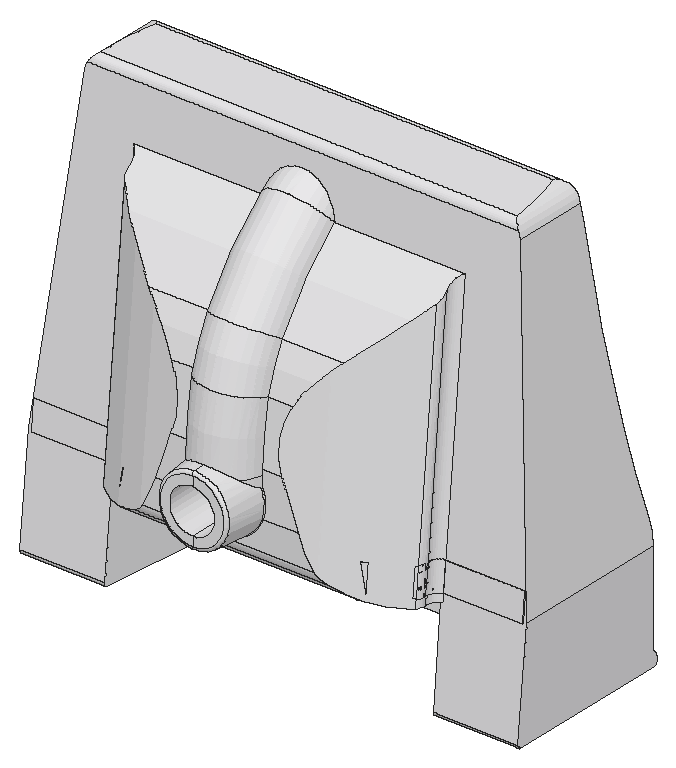
Revit family "Sink-Wall_Mount-KOHLER-Chesapeake-K-1722", category Plumbing Fixtures, host Face, Revit 2015
Parameters (values of type "0-White")
  Width = 17 1/4"  # constant formula
  Waste Water Outlet = "Waste Water Outlet"  # constant formula
  Waste Connection = 1 = 1  # yes
  Vent Connection = 1 = 0  # no
  URL = "https://www.us.kohler.com/us/"
  Type = 1
  Product Page URL = "http://www.us.kohler.com/us/catalog/productDetails.jsp?productNumber=1722"
  Product Name = "Chesapeake"  # constant formula
  Product Documentation Link = "http://www.us.kohler.com/onlinecatalog/pdf/K-1722_spec.pdf"
  Model = if(Type = 1, "K-1722-0", if(Type = 2, "K-1722-96", if(Type = 3, "K-1722-47", "NA")))  # "K-1722-0"
  Material = "Vitreous china"  # constant formula
  MasterFormat 2004 = "22.41.16"  # constant formula
  MasterFormat 1995 = "15410"  # constant formula
  Manufacturer Address = "444 Highland Dr, Kohler, WI 53044"  # constant formula
  Manufacturer = "KOHLER Co."  # constant formula
  Length = 19 1/4"  # constant formula
  Hot Water Inlet = "Hot Water Inlet"  # constant formula
  Height = 10 3/8"  # constant formula
  HW Connection = 1 = 0  # no
  Finish = Kohler-Vitreous_China-0-White
  Environmental Product Declaration = "https://www.us.kohler.com/webassets/kpna/catalog/pdf/en/K-1722.pdf"
  Drain Included = 1 = 0  # no
  Description = "19-1/4inch x 17-1/4inch wall-mount/concealed arm carrier bathroom sink with single faucet hole"  # constant formula
  Default Elevation = 34"
  Declare Label = ""
  Date Modified = "08/28/2018"  # constant formula
  Date Created = "08/28/2018"  # constant formula
  Copyright = "Copyright KOHLER Co."  # constant formula
  Contact Us = "https://www.us.kohler.com/us/static/contact.jsp"
  Cold Water Inlet = "Cold Water Inlet"  # constant formula
  CW Connection = 1 = 0  # no
  Assembly Code = "D2010400"
  ADA Compliant = 1 = 1  # yes
Types (4): name | Type | Model | Finish
  (no name) | 1 | "K-1722-0" | Kohler-Vitreous_China-0-White
  0-White | 1 | "K-1722-0" | Kohler-Vitreous_China-0-White
  96-Biscuit | 2 | "K-1722-96" | Kohler-Vitreous_China-96-Biscuit
  47-Almond | 3 | "K-1722-47" | Kohler-Vitreous_China-47-Almond
Reference planes (in)
  plane 1 "Center (Front/Back)": y = 0
  plane 2: z = 0
  plane 3 "Center (Left/Right)": x = 0
  plane 4: x = -9.625
  plane 5: x = 9.625
  plane 6: z = 17.25
  plane 7: y = 2.19013
  plane 8: y = -8.18487
Dimensions and locks (in)
  equal spacing: plane 4, plane 3 "Center (Left/Right)", plane 5
  "Length": plane 4 to plane 5
  "Width": plane 6 to plane 2
  "Height": plane 8 to plane 7
  aligned and locked: plane 2 to host face
  aligned and locked: level to host face
Automatic sketch dimensions
  host sketch curve to host sketch curve = 96"  (x2)
Nested families (in)
  nested 1: "K-1722" at (0, 2, 0) x (1, 0, 0) z (0, 1, 0), type "K-1722"
Connectors (in)
  piping at (0, -8.19, 6.4999), diameter 1.5, driven by "Waste Water Outlet", driven by "Waste Connection"
    settings: on nested 1, index 1, connector inside diameter 24", connector length 0", flow factor 0, pipe flow 0 GPM, pressure drop 0.00 psi, fitting loss kfactor 0, connector angle 0.00°, fixture units 0, engagement length 0", angle of deflection 0.00°, flow configuration 0, flow direction 2, fitting loss method 0, system type 16, joint type 0, gender type 0, connector reference index -1, connector utility 1, adjustable connector no, is connector primary yes, connector description "Waste Water Outlet"
Definition of nested family "K-1722"
  Parameters (values of type "K-1722")
    Material = none
    Default Elevation = 48"
  Reference planes (in)
    plane 1 "Center (Front/Back)": y = 0
    plane 2: z = 0
    plane 3 "Center (Left/Right)": x = 0
    plane 4: x = -9.625
    plane 5: x = 9.625
    plane 6: y = -17.25
    plane 7: z = 0.19013
    plane 8: z = -10.18487
  Forms (in)
    Extrusion 1, solid, material <- "Material", detail levels medium+fine
      sketch origin (0, 0, 0) x (0, 1, 0) y (0, 0, 1)
        loop
          arc (0, 0.05857) -> (-0.03853, 0.1516) -> (-0.13156, 0.19013) r 0.13156
          line (-0.13156, 0.19013) -> (-0.29977, 0.19013)
          spline (-0.29977, 0.19013) -> (-0.35155, 0.18354) -> (-0.38941, 0.16793) -> (-0.41881, 0.14948) -> (-0.44399, 0.13132) -> (-0.46769, 0.11283) -> (-0.49257, 0.09316) -> (-0.52069, 0.07183) -> (-0.55125, 0.05027) -> (-0.58253, 0.03049) -> (-0.61306, 0.01448) -> (-0.64442, 0.00385) -> (-0.68, 0)
          line (-0.68, 0) -> (-4.21338, 0)
          arc (-4.21338, 0) -> (-4.7217, -0.04258) -> (-5.21537, -0.17102) r 2.98737
          arc (-5.21537, -0.17102) -> (-10.46476, -1.53943) -> (-15.87, -2) r 31.94841
          line (-15.87, -2) -> (-16.91897, -2)
          arc (-16.91897, -2) -> (-17.15856, -2.10418) -> (-17.24577, -2.35045) r 0.3276
          line (-17.24577, -2.35045) -> (-17.09286, -4.53714)
          arc (-17.09286, -4.53714) -> (-17.0025, -4.73928) -> (-16.80305, -4.83545) r 0.32238
          line (-16.80305, -4.83545) -> (-14.70796, -5.043)
          arc (-14.70796, -5.043) -> (-13.37768, -6.44653) -> (-11.81212, -7.58166) r 10.47683
          arc (-11.81212, -7.58166) -> (-10.97932, -7.98956) -> (-10.09247, -8.26051) r 5.84052
          arc (-10.09247, -8.26051) -> (-8.92147, -8.45876) -> (-7.73664, -8.54067) r 12.04042
          arc (-7.73664, -8.54067) -> (-6.86448, -8.55179) -> (-5.99225, -8.55079) r 62.81012
          arc (-5.99225, -8.55079) -> (-5.39902, -8.53111) -> (-4.80753, -8.48172) r 11.83888
          arc (-4.80753, -8.48172) -> (-4.61441, -8.43454) -> (-4.44016, -8.33886) r 0.75944
          arc (-4.44016, -8.33886) -> (-3.98439, -7.80107) -> (-3.8207, -7.1154) r 1.51791
          line (-3.8207, -7.1154) -> (-3.8207, -6.12151) -> (-0.14295, -6.48584)
          arc (-0.14295, -6.48584) -> (-0.04276, -6.45279) -> (0, -6.35636) r 0.13012
          line (0, -6.35636) -> (0, 0.05857)
      from -10.14877 to 9.69137
    Sweep 2, void
      path origin (0, 0, 0) x (1, 0, 0) y (0, 1, 0)
        loop
          line (-6.84167, -4.3614) -> (-6.84167, -10.54517)
          arc (-6.84167, -10.54517) -> (-6.8178, -12.05778) -> (-6.74619, -13.56888) r 47.92582
          arc (-6.74619, -13.56888) -> (-6.27584, -14.56785) -> (-5.24918, -14.97424) r 1.5
          line (-5.24918, -14.97424) -> (5.25075, -14.97424)
          arc (5.25075, -14.97424) -> (6.27741, -14.56785) -> (6.74776, -13.56888) r 1.5
          arc (6.74776, -13.56888) -> (6.81937, -12.05778) -> (6.84324, -10.54517) r 47.92582
          line (6.84324, -10.54517) -> (6.84324, -4.3614)
      profile origin (-6.74619, -13.56888, 0) x (0.998008, 0.063091, 0) y (0, 0, 1)
        loop
          arc (-2.52213, 0.03634) -> (-1.66066, -0.93749) -> (-0.75406, -1.86945) r 27.45772
          arc (-0.75406, -1.86945) -> (-0.51788, -2.17348) -> (-0.37126, -2.52946) r 1.43174
          line (-0.37126, -2.52946) -> (-0.0369, -2.52946) -> (-0.0369, 0.79268) -> (-2.52213, 0.79268) -> (-2.52213, 0.03634)
    Extrusion 3, void
      sketch origin (0, 0, 0) x (1, 0, 0) y (0, 1, 0)
        loop
          line (-7.21293, -4.4459) -> (-7.21293, -10.54517)
          arc (-7.21293, -10.54517) -> (-7.18887, -12.0695) -> (-7.11671, -13.5923) r 48.29708
          arc (-7.11671, -13.5923) -> (-6.52994, -14.83852) -> (-5.24918, -15.3455) r 1.87126
          line (-5.24918, -15.3455) -> (5.25075, -15.3455)
          arc (5.25075, -15.3455) -> (6.53151, -14.83852) -> (7.11828, -13.5923) r 1.87126
          arc (7.11828, -13.5923) -> (7.19044, -12.0695) -> (7.2145, -10.54517) r 48.29708
          line (7.2145, -10.54517) -> (7.2145, -4.4459) -> (-7.21293, -4.4459)
      from 0 to -2.52946
    Blend 4, void
      base sketch origin (0, 0, 0) x (1, 0, 0) y (0, 1, 0)
        loop
          arc (-1.11999, -8.15763) -> (0, -8.50064) -> (1.11999, -8.15763) r 2
          arc (1.11999, -8.15763) -> (1.31478, -8.00774) -> (1.48972, -7.83508) r 2
          arc (1.48972, -7.83508) -> (1.89207, -7.14877) -> (1.99504, -6.35989) r 2
          arc (1.99504, -6.35989) -> (1.8964, -5.86529) -> (1.67716, -5.41108) r 2
          spline (1.67716, -5.41108) -> (1.64901, -5.37046) -> (1.6182, -5.33117) -> (1.58473, -5.29321) -> (1.5486, -5.25658) -> (1.50981, -5.22127) -> (1.46836, -5.1873) -> (1.42425, -5.15466) -> (1.37747, -5.12334) -> (1.32804, -5.09336) -> (1.27595, -5.0647) -> (1.2212, -5.03737) -> (1.16379, -5.01137)
          arc (1.16379, -5.01137) -> (0, -4.8053) -> (-1.16379, -5.01137) r 3.38923
          spline (-1.16379, -5.01137) -> (-1.2212, -5.03737) -> (-1.27595, -5.0647) -> (-1.32804, -5.09336) -> (-1.37747, -5.12334) -> (-1.42425, -5.15466) -> (-1.46836, -5.1873) -> (-1.50981, -5.22127) -> (-1.5486, -5.25658) -> (-1.58473, -5.29321) -> (-1.6182, -5.33117) -> (-1.64901, -5.37046) -> (-1.67716, -5.41108)
          arc (-1.67716, -5.41108) -> (-1.8964, -5.86529) -> (-1.99504, -6.35989) r 2
          arc (-1.99504, -6.35989) -> (-1.89207, -7.14877) -> (-1.48972, -7.83508) r 2
          arc (-1.48972, -7.83508) -> (-1.31478, -8.00774) -> (-1.11999, -8.15763) r 2
      top sketch origin (0, 0, 0) x (1, 0, 0) y (0, 1, 0)
        loop
          line (7.2145, -10.54517) -> (7.2145, -4.89655)
          arc (7.2145, -4.89655) -> (7.05776, -4.51814) -> (6.67935, -4.3614) r 0.53516
          line (6.67935, -4.3614) -> (-6.6772, -4.3614)
          arc (-6.6772, -4.3614) -> (-7.05602, -4.51831) -> (-7.21293, -4.89713) r 0.53573
          line (-7.21293, -4.89713) -> (-7.21293, -10.54517)
          arc (-7.21293, -10.54517) -> (-7.18887, -12.0695) -> (-7.11671, -13.5923) r 48.29708
          arc (-7.11671, -13.5923) -> (-6.52994, -14.83852) -> (-5.24918, -15.3455) r 1.87126
          line (-5.24918, -15.3455) -> (5.25075, -15.3455)
          arc (5.25075, -15.3455) -> (6.53151, -14.83852) -> (7.11828, -13.5923) r 1.87126
          arc (7.11828, -13.5923) -> (7.19044, -12.0695) -> (7.2145, -10.54517) r 48.29708
      from -7.78936 to -2.52946
    Extrusion 5, void
      sketch origin (0, 0, 0) x (1, 0, 0) y (0, 1, 0)
        loop
          line (-9.6268, 0.12058) -> (-12.55504, 0.12058) -> (-12.55504, -18.00394) -> (12.55504, -18.00394) -> (12.55504, 0.12058) -> (9.6268, 0.12058) -> (9.6268, -4.20716)
          arc (9.6268, -4.20716) -> (9.32754, -10.39819) -> (8.43252, -16.53149) r 64.18746
          arc (8.43252, -16.53149) -> (8.12335, -17.05009) -> (7.55504, -17.25394) r 0.89412
          line (7.55504, -17.25394) -> (-7.55504, -17.25394)
          arc (-7.55504, -17.25394) -> (-8.12335, -17.05009) -> (-8.43252, -16.53149) r 0.89412
          arc (-8.43252, -16.53149) -> (-9.32754, -10.39819) -> (-9.6268, -4.20716) r 64.18746
          line (-9.6268, -4.20716) -> (-9.6268, 0.12058)
      from -8.74222 to 0.82629
    Sweep 6, void
      path origin (0, 0, 0) x (0, 1, 0) y (0, 0, 1)
        loop
          line (-18.33697, -4.6835) -> (1.89265, -6.68749)
      profile origin (0, -8.22216, -5.6855) x (0, 0.09858, 0.995129) y (1, 0, 0)
        loop
          line (0, 9.87216) -> (-6.75, 9.87216) -> (-6.75, -9.87216) -> (0, -9.87216) -> (0, -6.40153)
          arc (0, -6.40153) -> (-0.19488, -6.18897) -> (-0.47926, -6.14113) r 0.44361
          arc (-0.47926, -6.14113) -> (-0.66813, -6.1236) -> (-0.82399, -6.01551) r 0.37326
          arc (-0.82399, -6.01551) -> (-3.04567, 0) -> (-0.82399, 6.01551) r 9.25478
          arc (-0.82399, 6.01551) -> (-0.66813, 6.1236) -> (-0.47926, 6.14113) r 0.37326
          arc (-0.47926, 6.14113) -> (-0.19488, 6.18897) -> (0, 6.40153) r 0.44361
          line (0, 6.40153) -> (0, 9.87216)
    Revolve 7, solid, material <- "Material", detail levels medium+fine
      sketch origin (0, 0, 0) x (0, 1, 0) y (0, 0, 1)
        loop
          arc (-5.26762, -10.19) -> (-5.18422, -10.15757) -> (-5.14465, -10.07732) r 0.12344
          line (-5.14465, -10.07732) -> (-5.01486, -8.59382)
          arc (-5.01486, -8.59382) -> (-4.97973, -8.52259) -> (-4.90571, -8.49381) r 0.10957
          line (-4.90571, -8.49381) -> (-6.4999, -8.49381) -> (-6.4999, -10.19) -> (-5.26762, -10.19)
        axis (-6.4999, -8.49381) -> (-6.4999, -10.19)
      angle from 0 to 360
    Sweep 8, solid, material <- "Material", detail levels medium+fine
      path origin (0, 0, 0) x (0, 1, 0) y (0, 0, 1)
        loop
          arc (-15.23855, -3.9403) -> (-15.03351, -4.52065) -> (-14.70796, -5.043) r 2.83273
          arc (-14.70796, -5.043) -> (-13.37768, -6.44653) -> (-11.81212, -7.58166) r 10.47683
          arc (-11.81212, -7.58166) -> (-10.97932, -7.98956) -> (-10.09247, -8.26051) r 5.84052
          arc (-10.09247, -8.26051) -> (-8.80372, -8.47217) -> (-7.49963, -8.543) r 12.04042
          line (-7.49963, -8.543) -> (-6.44261, -8.543)
      profile origin (0, -7.49963, -8.543) x (0, 0, 1) y (1, 0, 0)
        loop
          line (0.08594, -1.38782) -> (0.08594, 1.38782)
          arc (0.08594, 1.38782) -> (-1.12076, 0) -> (0.08594, -1.38782) r 1.40141
    Extrusion 9, void
      sketch origin (0, 0, 0) x (1, 0, 0) y (0, 0, 1)
        loop
          line (5.06309, -1.43) -> (-5.06267, -1.43)
          arc (-5.06267, -1.43) -> (-5.63794, -1.65077) -> (-5.9178, -2.19973) r 0.85987
          line (-5.9178, -2.19973) -> (-6.63424, -8.99632) -> (6.63422, -8.99632) -> (5.91773, -2.19929)
          arc (5.91773, -2.19929) -> (5.63803, -1.65065) -> (5.06309, -1.43) r 0.85938
      from 0 to 3.8207
    Extrusion 10, solid, material <- "Material", detail levels medium+fine
      sketch origin (0, 0, 0) x (0, 1, 0) y (0, 0, 1)
        loop
          line (-4.12867, 0) -> (-4.4042, 0)
          arc (-4.4042, 0) -> (-4.7783, -0.14925) -> (-4.94692, -0.51502) r 0.54346
          line (-4.94692, -0.51502) -> (-5.3286, -7.79797) -> (-4.12867, -7.79797) -> (-4.12867, 0)
      from -9.50399 to 9.48449
    Extrusion 11, void
      sketch origin (0, 0, 0) x (1, 0, 0) y (0, 1, 0)
        loop
          circle (0, -2.50385) r 0.71791
      from 1.11186 to -3.58282
    Revolve 12, void
      sketch origin (0, 0, 0) x (0, 1, 0) y (0, 0, 1)
        loop
          line (-5.63446, -10.19) -> (-5.63446, -7.98306)
          arc (-5.63446, -7.98306) -> (-5.57772, -7.84609) -> (-5.44075, -7.78936) r 0.1937
          line (-5.44075, -7.78936) -> (-6.4999, -7.78936) -> (-6.4999, -10.19) -> (-5.63446, -10.19)
        axis (-6.4999, -7.78936) -> (-6.4999, -10.19)
      angle from 0 to 360
    Revolve 13, solid, detail levels medium+fine
      sketch origin (0, 0, 0) x (0, 1, 0) y (0, 0, 1)
        loop
          line (-6.4999, -8.26476) -> (-5.95933, -8.26476)
          arc (-5.95933, -8.26476) -> (-5.84165, -8.17885) -> (-5.74237, -8.0722) r 0.76592
          arc (-5.74237, -8.0722) -> (-5.65851, -7.9572) -> (-5.58034, -7.83825) r 2.92351
          arc (-5.58034, -7.83825) -> (-5.58874, -7.76509) -> (-5.6619, -7.7567) r 0.0592
          arc (-5.6619, -7.7567) -> (-5.85075, -7.92105) -> (-5.9787, -8.13623) r 0.79005
          line (-5.9787, -8.13623) -> (-6.42853, -8.13623) -> (-6.42853, -7.70472) -> (-5.7497, -7.70472) -> (-5.62242, -7.52294)
          arc (-5.62242, -7.52294) -> (-5.61699, -7.48016) -> (-5.64919, -7.45148) r 0.04627
          arc (-5.64919, -7.45148) -> (-6.07139, -7.37374) -> (-6.4999, -7.3477) r 3.53841
          line (-6.4999, -7.3477) -> (-6.4999, -8.26476)
        axis (-6.4999, -7.3477) -> (-6.4999, -8.26476)
      angle from 0 to 360
    Extrusion 14, solid, material <- "Material", detail levels coarse
      sketch origin (0, 0, 0) x (1, 0, 0) y (0, 1, 0)
        loop
          arc (-9.6268, -4.20716) -> (-9.32754, -10.39819) -> (-8.43252, -16.53149) r 64.18746
          arc (-8.43252, -16.53149) -> (-8.16871, -17.0101) -> (-7.67563, -17.24577) r 0.89412
          line (-7.67563, -17.24577) -> (7.67563, -17.24577)
          arc (7.67563, -17.24577) -> (8.16871, -17.0101) -> (8.43252, -16.53149) r 0.89412
          arc (8.43252, -16.53149) -> (9.32754, -10.39819) -> (9.6268, -4.20716) r 64.18746
          line (9.6268, -4.20716) -> (9.6268, 0) -> (-9.6268, 0) -> (-9.6268, -4.20716)
      from -8.65988 to 0.19013
    Extrusion 15, void
      sketch origin (0, 0.0625, 0.0625) x (0, 1, 0) y (0, 0, 1)
        loop
          arc (-5.21537, -0.17102) -> (-4.7217, -0.04258) -> (-4.21338, 0) r 2.98737
          line (-4.21338, 0) -> (0.53662, 0) -> (0.53662, 0.79071) -> (-18.46338, 0.79071) -> (-18.46338, -2) -> (-15.87, -2)
          arc (-15.87, -2) -> (-10.46476, -1.53943) -> (-5.21537, -0.17102) r 31.94841
      from -10.94569 to 12
    Extrusion 16, void
      sketch origin (0, 0, 0) x (1, 0, 0) y (0, 1, 0)
        loop
          arc (-7.21293, -10.54517) -> (-7.18887, -12.0695) -> (-7.11671, -13.5923) r 48.29708
          arc (-7.11671, -13.5923) -> (-6.52994, -14.83852) -> (-5.24918, -15.3455) r 1.87126
          line (-5.24918, -15.3455) -> (5.25075, -15.3455)
          arc (5.25075, -15.3455) -> (6.53151, -14.83852) -> (7.11828, -13.5923) r 1.87126
          arc (7.11828, -13.5923) -> (7.19044, -12.0695) -> (7.2145, -10.54517) r 48.29708
          line (7.2145, -10.54517) -> (7.2145, -4.89713) -> (-7.21293, -4.89713) -> (-7.21293, -10.54517)
      from -7.78936 to 1.21013
    Extrusion 17, solid, material <- "Material", detail levels coarse
      sketch origin (0, 0, 0) x (1, 0, 0) y (0, 1, 0)
        loop
          circle (0, -6.4999) r 1.5
      from -10.19 to -8.65988
    Extrusion 18, void
      sketch origin (0, 0, -0.125) x (1, 0, 0) y (0, 0, 1)
        loop
          circle (0, -3.08771) r 0.5
      from 13.52112 to 16.26763
  Cuts and joins
    Sweep 2, Extrusion 3, Blend 4, Extrusion 5, Sweep 6, Extrusion 9, Extrusion 11, Revolve 12, Extrusion 18 cuts Extrusion 1
    Revolve 12, Extrusion 18 cuts Revolve 7
    Revolve 12, Extrusion 18 cuts Sweep 8
    joined: Extrusion 1, Revolve 7, Sweep 8
    Sweep 6 cuts Extrusion 10
    Extrusion 9, Extrusion 11, Revolve 12, Extrusion 15, Extrusion 16, Extrusion 18 cuts Extrusion 14
    Revolve 12 cuts Extrusion 17
    joined: Extrusion 14, Extrusion 17
  Lines and regions (in)
    Masking region 1
      outline origin (0, 0, 0) x (1, 0, 0) y (0, 1, 0)
        loop
          line (9.625, 0) -> (-9.625, 0) -> (-9.625, -4.21139)
          arc (-9.625, -4.21139) -> (-9.32573, -10.40242) -> (-8.43072, -16.53573) r 64.18746
          arc (-8.43072, -16.53573) -> (-8.1669, -17.01433) -> (-7.67383, -17.25) r 0.89412
          line (-7.67383, -17.25) -> (7.67383, -17.25)
          arc (7.67383, -17.25) -> (8.1669, -17.01433) -> (8.43072, -16.53573) r 0.89412
          arc (8.43072, -16.53573) -> (9.32573, -10.40242) -> (9.625, -4.21139) r 64.18746
          line (9.625, -4.21139) -> (9.625, 0)
    Masking region 2
      outline origin (0, 0, 0) x (1, 0, 0) y (0, 0, 1)
        loop
          line (9.625, 0.19013) -> (-9.625, 0.19013) -> (-9.625, -6.48071) -> (-6.36958, -6.48071) -> (-6.335, -6.15264)
          arc (-6.335, -6.15264) -> (-6.1722, -6.34663) -> (-6.14112, -6.59799) r 0.44623
          arc (-6.14112, -6.59799) -> (-6.12412, -6.78636) -> (-6.01757, -6.94264) r 0.37609
          arc (-6.01757, -6.94264) -> (-5.91788, -7.02716) -> (-5.817, -7.11027) r 9.26517
          spline (-5.817, -7.11027) -> (-5.65044, -7.24058) -> (-5.48174, -7.36705) -> (-5.31066, -7.48865) -> (-5.13713, -7.60456) -> (-4.96173, -7.71495) -> (-4.785, -7.81994) -> (-4.60729, -7.91935) -> (-4.42883, -8.01319) -> (-4.25012, -8.10165) -> (-4.0717, -8.18484) -> (-3.89351, -8.26224) -> (-3.71533, -8.33314)
          spline (-3.71533, -8.33314) -> (-3.6732, -8.34914) -> (-3.63186, -8.3645) -> (-3.59139, -8.37917) -> (-3.5519, -8.39314) -> (-3.51346, -8.40636) -> (-3.47617, -8.41881) -> (-3.44009, -8.43047) -> (-3.40533, -8.44129) -> (-3.37194, -8.45127) -> (-3.34001, -8.46038) -> (-3.3096, -8.46859) -> (-3.28079, -8.4759)
          spline (-3.28079, -8.4759) -> (-3.22805, -8.48593) -> (-3.17663, -8.49521) -> (-3.12654, -8.50372) -> (-3.07779, -8.51147) -> (-3.0304, -8.51845) -> (-2.98438, -8.52466) -> (-2.93973, -8.53009) -> (-2.89648, -8.53476) -> (-2.85463, -8.53864) -> (-2.81419, -8.54176) -> (-2.77516, -8.5441) -> (-2.73757, -8.54566)
          line (-2.73757, -8.54566) -> (-1.48949, -8.54566) -> (-1.35639, -10.06699)
          arc (-1.35639, -10.06699) -> (-1.31498, -10.15094) -> (-1.22774, -10.18487) r 0.12914
          line (-1.22774, -10.18487) -> (1.22774, -10.18487)
          arc (1.22774, -10.18487) -> (1.31498, -10.15094) -> (1.35639, -10.06699) r 0.12914
          line (1.35639, -10.06699) -> (1.48949, -8.54566) -> (2.73757, -8.54566)
          spline (2.73757, -8.54566) -> (2.77516, -8.5441) -> (2.81419, -8.54176) -> (2.85463, -8.53864) -> (2.89648, -8.53476) -> (2.93973, -8.53009) -> (2.98438, -8.52466) -> (3.0304, -8.51845) -> (3.07779, -8.51147) -> (3.12654, -8.50372) -> (3.17663, -8.49521) -> (3.22805, -8.48593) -> (3.28079, -8.4759)
          spline (3.28079, -8.4759) -> (3.3096, -8.46859) -> (3.34001, -8.46038) -> (3.37194, -8.45127) -> (3.40533, -8.44129) -> (3.44009, -8.43047) -> (3.47617, -8.41881) -> (3.51346, -8.40636) -> (3.5519, -8.39314) -> (3.59139, -8.37917) -> (3.63186, -8.3645) -> (3.6732, -8.34914) -> (3.71533, -8.33314)
          spline (3.71533, -8.33314) -> (3.89351, -8.26224) -> (4.0717, -8.18484) -> (4.25012, -8.10165) -> (4.42883, -8.01319) -> (4.60729, -7.91935) -> (4.785, -7.81994) -> (4.96173, -7.71495) -> (5.13713, -7.60456) -> (5.31066, -7.48865) -> (5.48174, -7.36705) -> (5.65044, -7.24058) -> (5.817, -7.11027)
          arc (5.817, -7.11027) -> (5.91788, -7.02716) -> (6.01757, -6.94264) r 9.26517
          arc (6.01757, -6.94264) -> (6.12412, -6.78636) -> (6.14119, -6.59798) r 0.37609
          arc (6.14119, -6.59798) -> (6.1722, -6.34663) -> (6.335, -6.15264) r 0.44623
          line (6.335, -6.15264) -> (6.36958, -6.48071) -> (9.625, -6.48071) -> (9.625, 0.19013)
    Masking region 3
      outline origin (0, 0, 0) x (0, 1, 0) y (0, 0, 1)
        loop
          line (0, -6.35636) -> (0, 0.05857)
          arc (0, 0.05857) -> (-0.03853, 0.1516) -> (-0.13156, 0.19013) r 0.13156
          line (-0.13156, 0.19013) -> (-0.29977, 0.19013)
          spline (-0.29977, 0.19013) -> (-0.35155, 0.18354) -> (-0.38941, 0.16793) -> (-0.41881, 0.14948) -> (-0.44399, 0.13132) -> (-0.46769, 0.11283) -> (-0.49257, 0.09316) -> (-0.52069, 0.07183) -> (-0.55125, 0.05027) -> (-0.58253, 0.03049) -> (-0.61306, 0.01448) -> (-0.64442, 0.00385) -> (-0.68, 0)
          line (-0.68, 0) -> (-4.21338, 0)
          arc (-4.21338, 0) -> (-4.7217, -0.04258) -> (-5.21537, -0.17102) r 2.98737
          arc (-5.21537, -0.17102) -> (-10.46476, -1.53943) -> (-15.87, -2) r 31.94841
          line (-15.87, -2) -> (-16.92322, -2)
          arc (-16.92322, -2) -> (-17.16281, -2.10418) -> (-17.25003, -2.35045) r 0.3276
          line (-17.25003, -2.35045) -> (-17.09712, -4.53714)
          arc (-17.09712, -4.53714) -> (-17.00675, -4.73928) -> (-16.80731, -4.83545) r 0.32238
          line (-16.80731, -4.83545) -> (-16.12569, -4.90298)
          arc (-16.12569, -4.90298) -> (-15.88834, -5.33966) -> (-15.60358, -5.74702) r 4.43124
          arc (-15.60358, -5.74702) -> (-14.12866, -7.30317) -> (-12.39286, -8.56172) r 11.61604
          arc (-12.39286, -8.56172) -> (-11.39763, -9.04919) -> (-10.33779, -9.37299) r 6.97973
          arc (-10.33779, -9.37299) -> (-9.12048, -9.58217) -> (-7.88893, -9.67646) r 13.17963
          line (-7.88893, -9.67646) -> (-7.85462, -10.06865)
          arc (-7.85462, -10.06865) -> (-7.81381, -10.15142) -> (-7.72779, -10.18487) r 0.12731
          line (-7.72779, -10.18487) -> (-5.27409, -10.18487)
          arc (-5.27409, -10.18487) -> (-5.18654, -10.15082) -> (-5.14499, -10.06657) r 0.1296
          line (-5.14499, -10.06657) -> (-5.00809, -8.50182)
          arc (-5.00809, -8.50182) -> (-4.90777, -8.4922) -> (-4.80753, -8.48172) r 11.83888
          arc (-4.80753, -8.48172) -> (-4.61441, -8.43454) -> (-4.44016, -8.33886) r 0.75944
          arc (-4.44016, -8.33886) -> (-3.98439, -7.80107) -> (-3.8207, -7.1154) r 1.51791
          line (-3.8207, -7.1154) -> (-3.8207, -6.12151) -> (-0.14295, -6.48584)
          arc (-0.14295, -6.48584) -> (-0.04276, -6.45279) -> (0, -6.35636) r 0.13012
    symbolic lines, detail levels medium+fine
      curve 1: spline (-9.18379, -5.22628, 0) -> (-9.20423, -5.15815, 0) -> (-9.22322, -5.08906, 0) -> (-9.24074, -5.0191, 0) -> (-9.25679, -4.94831, 0) -> (-9.27134, -4.87679, 0) -> (-9.28438, -4.80459, 0) -> (-9.29589, -4.73179, 0) -> (-9.30587, -4.65847, 0) -> (-9.3143, -4.58469, 0) -> (-9.32118, -4.51054, 0) -> (-9.32649, -4.43608, 0) -> (-9.33024, -4.3614, 0)
      curve 2: spline (-7.93419, -10.41983, 0) -> (-8.014, -9.97413, 0) -> (-8.09833, -9.53037, 0) -> (-8.18715, -9.08868, 0) -> (-8.28044, -8.64918, 0) -> (-8.37818, -8.21199, 0) -> (-8.48033, -7.77724, 0) -> (-8.58687, -7.34503, 0) -> (-8.69777, -6.9155, 0) -> (-8.813, -6.48876, 0) -> (-8.93252, -6.06492, 0) -> (-9.05631, -5.64411, 0) -> (-9.18432, -5.22644, 0)
      curve 3: spline (-7.54709, -12.89754, 0) -> (-7.57723, -12.68984, 0) -> (-7.60777, -12.48233, 0) -> (-7.63869, -12.27502, 0) -> (-7.66999, -12.06793, 0) -> (-7.70168, -11.86105, 0) -> (-7.73376, -11.6544, 0) -> (-7.76622, -11.44799, 0) -> (-7.79905, -11.24182, 0) -> (-7.83227, -11.03592, 0) -> (-7.86587, -10.83027, 0) -> (-7.89984, -10.62491, 0) -> (-7.93419, -10.41983, 0)
      curve 4: spline (-7.44958, -13.61335, 0) -> (-7.45728, -13.55359, 0) -> (-7.46506, -13.49385, 0) -> (-7.47291, -13.43413, 0) -> (-7.48084, -13.37443, 0) -> (-7.48885, -13.31475, 0) -> (-7.49694, -13.25509, 0) -> (-7.5051, -13.19545, 0) -> (-7.51334, -13.13582, 0) -> (-7.52165, -13.07622, 0) -> (-7.53004, -13.01664, 0) -> (-7.5385, -12.95707, 0) -> (-7.54705, -12.89753, 0)
      curve 5: line (-5.24918, -15.61139, 0) -> (-7.44958, -13.61335, 0)
      curve 6: line (5.25075, -15.61139, 0) -> (-5.24918, -15.61139, 0)
      curve 7: line (7.45114, -13.61335, 0) -> (5.25075, -15.61139, 0)
      curve 8: spline (7.54668, -12.91101, 0) -> (7.53831, -12.96943, 0) -> (7.53002, -13.02788, 0) -> (7.5218, -13.08634, 0) -> (7.51366, -13.14482, 0) -> (7.50558, -13.20332, 0) -> (7.49759, -13.26184, 0) -> (7.48966, -13.32038, 0) -> (7.48181, -13.37894, 0) -> (7.47403, -13.43751, 0) -> (7.46633, -13.49611, 0) -> (7.4587, -13.55472, 0) -> (7.45114, -13.61335, 0)
      curve 9: spline (7.92496, -10.48407, 0) -> (7.8914, -10.68499, 0) -> (7.85821, -10.88617, 0) -> (7.82539, -11.08762, 0) -> (7.79294, -11.28932, 0) -> (7.76085, -11.49127, 0) -> (7.72913, -11.69345, 0) -> (7.69779, -11.89586, 0) -> (7.66682, -12.09849, 0) -> (7.63623, -12.30133, 0) -> (7.60601, -12.50437, 0) -> (7.57617, -12.7076, 0) -> (7.54671, -12.91102, 0)
      curve 10: spline (9.18619, -5.22543, 0) -> (9.05838, -5.64829, 0) -> (8.93459, -6.07434, 0) -> (8.81486, -6.50347, 0) -> (8.69921, -6.93557, 0) -> (8.58769, -7.3705, 0) -> (8.48032, -7.80815, 0) -> (8.37714, -8.24839, 0) -> (8.27817, -8.6911, 0) -> (8.18344, -9.13615, 0) -> (8.09298, -9.58341, 0) -> (8.00681, -10.03276, 0) -> (7.92496, -10.48407, 0)
      curve 11: spline (9.33181, -4.3614, 0) -> (9.32781, -4.43599, 0) -> (9.3223, -4.51036, 0) -> (9.31528, -4.58443, 0) -> (9.30675, -4.65811, 0) -> (9.29673, -4.73135, 0) -> (9.28522, -4.80406, 0) -> (9.27223, -4.87618, 0) -> (9.25779, -4.94762, 0) -> (9.2419, -5.01832, 0) -> (9.22458, -5.08822, 0) -> (9.20584, -5.15723, 0) -> (9.18571, -5.22529, 0)
      curve 12: line (-9.33024, -4.3614, 0) -> (9.33181, -4.3614, 0)
      curve 13: circle (0, -2.50385, 0) r 0.71791 normal (0, 0, 1)
      curve 14: circle (0, -6.4999, 0) r 0.93402 normal (0, 0, 1)
      curve 15: line (-9.6268, -0.68, 0) -> (9.6268, -0.68, 0)
      curve 16: line (-0.5, -14.45585, 0) -> (0.5, -14.45586, 0)
      curve 17: line (0.5, -14.45586, 0) -> (-0.5, -14.45585, 0)
      curve 18: line (-9.61888, 0, -0.17102) -> (-8.55834, 0, -2)
      curve 19: line (8.55834, 0, -2) -> (-8.55834, 0, -2)
      curve 20: line (-8.25275, 0, -2) -> (-7.67563, 0, -2.35045)
      curve 21: line (-7.67563, 0, -2.35045) -> (-8.067, 0, -4.53714)
      curve 22: line (-8.067, 0, -4.53714) -> (-8.33157, 0, -4.83545)
      curve 23: spline (-8.43251, 0, -4.86235) -> (-8.62276, 0, -4.96297) -> (-8.79662, 0, -5.06388) -> (-8.95407, 0, -5.16505) -> (-9.09505, 0, -5.26646) -> (-9.21953, 0, -5.36808) -> (-9.32748, 0, -5.46988) -> (-9.41888, 0, -5.57184) -> (-9.49369, 0, -5.67393) -> (-9.5519, 0, -5.77612) -> (-9.5935, 0, -5.8784) -> (-9.61846, 0, -5.98072) -> (-9.6268, 0, -6.08307)
      curve 24: line (-1.37302, 0, -5.043) -> (1.37302, 0, -5.043)
      curve 25: line (-1.37302, 0, -5.043) -> (-1.37302, 0, -7.58166)
      curve 26: line (-1.37302, 0, -7.58166) -> (-1.37302, 0, -8.26051)
      curve 27: arc (-1.37302, 0, -8.543) -> (0, 0, -9.66377) -> (1.37302, 0, -8.543) r 1.40141
      curve 28: line (1.37302, 0, -8.543) -> (1.37302, 0, -8.26051)
      curve 29: line (1.37302, 0, -8.26051) -> (1.37302, 0, -7.58166)
      curve 30: line (1.37302, 0, -7.58166) -> (1.37302, 0, -5.043)
      curve 31: line (-1.37302, 0, -8.26051) -> (-1.37302, 0, -8.543)
      curve 32: arc (-7.59573, 0, -1.86945) -> (-8.48615, 0, -0.95492) -> (-9.3331, 0, 0) r 27.45772
      curve 33: spline (-7.53457, 0, -1.86945) -> (-7.56424, 0, -1.85012) -> (-7.5943, 0, -1.82947) -> (-7.62474, 0, -1.8075) -> (-7.65556, 0, -1.78422) -> (-7.68675, 0, -1.75962) -> (-7.71832, 0, -1.7337) -> (-7.75027, 0, -1.70647) -> (-7.7826, 0, -1.67793) -> (-7.81529, 0, -1.64807) -> (-7.84836, 0, -1.61691) -> (-7.88179, 0, -1.58443) -> (-7.9156, 0, -1.55065)
      curve 34: spline (-7.44958, 0, -1.9202) -> (-7.45633, 0, -1.91644) -> (-7.46315, 0, -1.9126) -> (-7.47003, 0, -1.90867) -> (-7.47696, 0, -1.90465) -> (-7.48396, 0, -1.90055) -> (-7.49101, 0, -1.89637) -> (-7.49812, 0, -1.89209) -> (-7.50529, 0, -1.88773) -> (-7.51252, 0, -1.88329) -> (-7.51981, 0, -1.87876) -> (-7.52716, 0, -1.87415) -> (-7.53457, 0, -1.86945)
      curve 35: line (-5.21994, 0, -2) -> (-7.44958, 0, -1.9202)
      curve 36: line (9.61888, 0, -0.17102) -> (8.55834, 0, -2)
      curve 37: line (8.25275, 0, -2) -> (7.67563, 0, -2.35045)
      curve 38: line (7.67563, 0, -2.35045) -> (8.067, 0, -4.53714)
      curve 39: line (8.067, 0, -4.53714) -> (8.33157, 0, -4.83545)
      curve 40: spline (8.43251, 0, -4.86235) -> (8.62276, 0, -4.96297) -> (8.79662, 0, -5.06388) -> (8.95407, 0, -5.16505) -> (9.09505, 0, -5.26646) -> (9.21953, 0, -5.36808) -> (9.32748, 0, -5.46988) -> (9.41888, 0, -5.57184) -> (9.49369, 0, -5.67393) -> (9.5519, 0, -5.77612) -> (9.5935, 0, -5.8784) -> (9.61846, 0, -5.98072) -> (9.6268, 0, -6.08307)
      curve 41: arc (7.59573, 0, -1.86945) -> (8.48615, 0, -0.95492) -> (9.3331, 0, 0) r 27.45772
      curve 42: spline (7.53457, 0, -1.86945) -> (7.56424, 0, -1.85012) -> (7.5943, 0, -1.82947) -> (7.62474, 0, -1.8075) -> (7.65556, 0, -1.78422) -> (7.68675, 0, -1.75962) -> (7.71832, 0, -1.7337) -> (7.75027, 0, -1.70647) -> (7.7826, 0, -1.67793) -> (7.81529, 0, -1.64807) -> (7.84836, 0, -1.61691) -> (7.88179, 0, -1.58443) -> (7.9156, 0, -1.55065)
      curve 43: spline (7.44958, 0, -1.9202) -> (7.45633, 0, -1.91644) -> (7.46315, 0, -1.9126) -> (7.47003, 0, -1.90867) -> (7.47696, 0, -1.90465) -> (7.48396, 0, -1.90055) -> (7.49101, 0, -1.89637) -> (7.49812, 0, -1.89209) -> (7.50529, 0, -1.88773) -> (7.51252, 0, -1.88329) -> (7.51981, 0, -1.87876) -> (7.52716, 0, -1.87415) -> (7.53457, 0, -1.86945)
      curve 44: line (5.21994, 0, -2) -> (7.44958, 0, -1.9202)
      curve 45: line (-9.6268, 0, 0) -> (9.6268, 0, 0)
      curve 46: arc (-8.33157, 0, -4.83545) -> (0, 0, -4.92067) -> (8.33157, 0, -4.83545) r 407.35497
      curve 47: spline (-8.33157, 0, -4.83545) -> (-8.3433, 0, -4.83756) -> (-8.35446, 0, -4.83969) -> (-8.36503, 0, -4.84185) -> (-8.375, 0, -4.84404) -> (-8.38436, 0, -4.84626) -> (-8.39312, 0, -4.8485) -> (-8.40126, 0, -4.85076) -> (-8.40878, 0, -4.85304) -> (-8.41567, 0, -4.85534) -> (-8.42192, 0, -4.85766) -> (-8.42754, 0, -4.86) -> (-8.43251, 0, -4.86235)
      curve 48: spline (8.43251, 0, -4.86235) -> (8.42754, 0, -4.86) -> (8.42192, 0, -4.85766) -> (8.41567, 0, -4.85534) -> (8.40878, 0, -4.85304) -> (8.40126, 0, -4.85076) -> (8.39312, 0, -4.8485) -> (8.38436, 0, -4.84626) -> (8.375, 0, -4.84404) -> (8.36503, 0, -4.84185) -> (8.35446, 0, -4.83969) -> (8.3433, 0, -4.83756) -> (8.33157, 0, -4.83545)
      curve 49: line (0, -16.80305, -4.83545) -> (0, -0.14295, -6.48584)
      curve 50: line (0, -7.4997, -9.22052) -> (0, -7.09257, -8.59382)
      curve 51: spline (0, -7.89332, -9.65953) -> (0, -7.88777, -9.65253) -> (0, -7.8768, -9.63961) -> (0, -7.86047, -9.62086) -> (0, -7.83887, -9.5964) -> (0, -7.81216, -9.56637) -> (0, -7.7805, -9.53098) -> (0, -7.74408, -9.49044) -> (0, -7.70314, -9.44501) -> (0, -7.65793, -9.39497) -> (0, -7.60875, -9.34065) -> (0, -7.55589, -9.28238) -> (0, -7.4997, -9.22052)
      curve 52: arc (0, -5.99225, -8.55079) -> (0, -5.39902, -8.53111) -> (0, -4.80753, -8.48172) r 11.83888
      curve 53: arc (0, -7.73664, -8.54067) -> (0, -6.86448, -8.55179) -> (0, -5.99225, -8.55079) r 62.81012
      curve 54: arc (0, -7.73664, -8.54067) -> (0, -8.92147, -8.45876) -> (0, -10.09247, -8.26051) r 12.04042
      curve 55: arc (0, -11.81212, -7.58166) -> (0, -10.97932, -7.98956) -> (0, -10.09247, -8.26051) r 5.84052
      curve 56: arc (0, -14.70796, -5.043) -> (0, -13.37768, -6.44653) -> (0, -11.81212, -7.58166) r 10.47683
      curve 57: arc (-6.40153, 0, -6.09094) -> (-6.1888, 0, -6.28715) -> (-6.14118, 0, -6.5726) r 0.44622
      curve 58: line (-6.40153, 0, -6.12151) -> (-6.40153, 0, -5.043)
      curve 59: line (-6.40153, 0, -5.043) -> (-1.37302, 0, -5.043)
      curve 60: line (1.37302, 0, -5.043) -> (6.40153, 0, -5.043)
      curve 61: line (6.40153, 0, -5.043) -> (6.40153, 0, -6.12151)
      curve 62: arc (6.14118, 0, -6.5726) -> (6.18879, 0, -6.28716) -> (6.40151, 0, -6.09095) r 0.44622
  Dimensions and locks (in)
    plane 4 to plane 3 "Center (Left/Right)" = 9 5/8"
    plane 3 "Center (Left/Right)" to plane 5 = 9 5/8"
    plane 4 to plane 5 = 19 1/4"
    plane 6 to plane 1 "Center (Front/Back)" = 17 1/4"
    locked: plane 7 to plane 8 at 10.375
    aligned and locked: plane 2 to level
